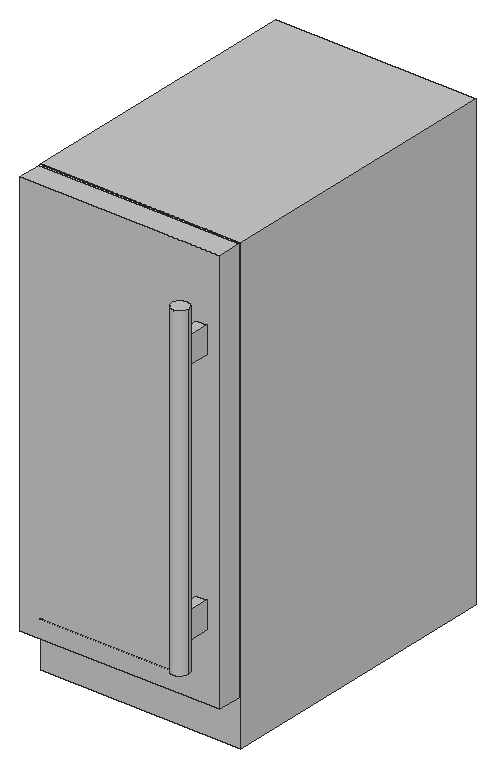
Revit family "dde9ee0d97cf4f98b5d65defc475dc01", category Specialty Equipment, Revit 2021
Family settings
  Round Connector Dimension = Use Diameter
  Part Type = Normal
  OmniClass Number = 23.40.40.14
  OmniClass Title = Food Service Equipment
  Work Plane-Based = No
  Always vertical = Yes
  Cut with Voids When Loaded = No
  Shared = No
  Room Calculation Point = No
Parameters (values of type "15" LH")
  Width = 1' - 3"
  Wall Offset = 0' - 1"
  Voltage = 120 V
  Type Comments = ""
  Show Label = yes
  RH = no
  Power Consumption = 500 VA
  Label = "U.C. Refr."
  LH = not(RH)  # yes
  Height = 2' - 10"
  Handle Centerline = if(RH, 0' 1 3/8", (Width - 0' 1 3/8"))  # 1' - 1 5/8"
  Gasket = Appliance - Gasket
  Description = "Undercounter Refrigerator"
  Depth = 2' - 0"
  Default Elevation = 0' - 0"
  Assembly Code = "E1090320"
  Appliance Finish = Appliance - Stainless Steel
  Amperage = Power Consumption / Voltage  # 4.16667 A
Types (4): name | Width | RH | LH | Handle Centerline
  24" LH | 1' - 3" | no | yes | 1' - 1 5/8"
  24" RH | 2' - 0" | yes | no | 0' - 1 3/8"
  15" RH | 1' - 3" | yes | no | 0' - 1 3/8"
  15" LH | 1' - 3" | no | yes | 1' - 1 5/8"
Reference planes (in)
  plane 1 "Back": y = 0
  plane 2: z = 0
  plane 3 "Center (Left/Right)": x = 0
  plane 4 "Left": x = -7.5
  plane 5 "Right": x = 7.5
  plane 6: y = -1
  plane 7 "Front": y = -25
  plane 8 "Door Back": y = -23
  plane 9 "Top": z = 34
  plane 10 "B.O. Door": z = 3.5
  plane 11: x = 6.125
  plane 12: z = 31
  plane 13: z = 6.5
Forms (in)
  Extrusion 1, solid, material "Appliance - Stainless Steel" <- "Appliance Finish"
    sketch origin (0, 0, 0) x (1, 0, 0) y (0, 1, 0)
      loop
        line (-7.5, -1) -> (-7.5, -23) -> (7.5, -23) -> (7.5, -1) -> (-7.5, -1)
    from 0 to 34
  Extrusion 2, solid, material "Appliance - Stainless Steel" <- "Appliance Finish", detail levels fine
    sketch origin (0, -25, 0) x (-1, 0, 0) y (0, 0, 1)
      loop
        line (-5.75, 29) -> (-6.5, 29) -> (-6.5, 27) -> (-5.75, 27) -> (-5.75, 29)
      loop
        line (-5.75, 10.5) -> (-6.5, 10.5) -> (-6.5, 8.5) -> (-5.75, 8.5) -> (-5.75, 10.5)
    from -1.67554 to 0
  Extrusion 3, solid, material "Appliance - Stainless Steel" <- "Appliance Finish", detail levels fine
    sketch origin (0, 0, 0) x (1, 0, 0) y (0, 1, 0)
      loop
        circle (6.125, -27.01473) r 0.625
    from 6.5 to 31
  Extrusion 4, solid, material "Appliance - Stainless Steel" <- "Appliance Finish"
    sketch origin (0, -25, 0) x (-1, 0, 0) y (0, 0, 1)
      loop
        line (7.5, 34) -> (-7.5, 34) -> (-7.5, 3.5) -> (7.5, 3.5) -> (7.5, 34)
    from 0 to 1.75
  Sweep 5, solid, material "Appliance - Gasket" <- "Gasket", detail levels fine
    path in 3D
      loop
        line (-7.5, -25, 34) -> (-7.5, -25, 3.5) -> (7.5, -25, 3.5) -> (7.5, -25, 34) -> (-7.5, -25, 34)
    profile origin (0, -25, 34) x (0, -1, 0) y (0, 0, 1)
      loop
        line (-2, -0.125) -> (-2, -0.25) -> (-1.75, -0.25) -> (-1.75, -0.125)
        arc (-1.75, -0.125) -> (-1.875, 0) -> (-2, -0.125) r 0.125
Cuts and joins
  joined: Extrusion 2, Extrusion 3
Lines and regions (in)
  Split face 1
    outline origin (-7.5, -1, 0) x (1, 0, 0) y (0, 0, -1)
      loop
        circle (9, -28) r 2
  Masking region 1
    outline origin (0, 0, 0) x (1, 0, 0) y (0, 1, 0)
      loop
        line (-7.5, -1) -> (-7.5, -25) -> (7.5, -25) -> (7.5, -1) -> (-7.5, -1)
  Masking region 2, detail levels fine
    outline origin (0, 0, 0) x (1, 0, 0) y (0, 1, 0)
      loop
        line (6.5, -26.51473) -> (6.5, -25) -> (5.75, -25) -> (5.75, -26.51473)
        arc (5.75, -26.51473) -> (5.56598, -26.73522) -> (5.5, -27.01473) r 0.625
        arc (5.5, -27.01473) -> (6.125, -27.63973) -> (6.75, -27.01473) r 0.625
        arc (6.75, -27.01473) -> (6.68402, -26.73522) -> (6.5, -26.51473) r 0.625
  symbolic lines, style "Appliances - Plan Swing", visible <- "LH", detail levels medium+fine
    curve 1: arc (7.5, -25, 0) -> (3.1066, -35.6066, 0) -> (-7.5, -40, 0) r 15
    curve 2: line (-7.5, -25, 0) -> (-7.5, -40, 0)
  symbolic lines, style "Appliances - Plan Swing", visible <- "RH", detail levels medium+fine
    curve 3: arc (-7.5, -25, 0) -> (-3.1066, -35.6066, 0) -> (7.5, -40, 0) r 15
    curve 4: line (7.5, -40, 0) -> (7.5, -25, 0)
  sketch lines
    curve 5: line (7.5, -25, 34) -> (-7.5, -25, 34)
    curve 6: line (7.5, -25, 3.5) -> (7.5, -25, 34)
    curve 7: line (-7.5, -25, 3.5) -> (7.5, -25, 3.5)
    curve 8: line (-7.5, -25, 34) -> (-7.5, -25, 3.5)
  symbolic lines, style "Appliances"
    curve 9: line (-7.5, -1, 0) -> (7.5, -1, 0)
    curve 10: line (-7.5, -25, 0) -> (-7.5, -1, 0)
    curve 11: line (7.5, -25, 0) -> (-7.5, -25, 0)
    curve 12: line (7.5, -1, 0) -> (7.5, -25, 0)
  symbolic lines, style "Appliances - Hidden"
    curve 13: line (-7.5, -23, 0) -> (7.5, -23, 0)
  symbolic lines, style "Appliances", detail levels fine
    curve 14: arc (6.75, -27.01473, 0) -> (6.125, -26.38973, 0) -> (5.5, -27.01473, 0) r 0.625
    curve 15: arc (5.5, -27.01473, 0) -> (6.125, -27.63973, 0) -> (6.75, -27.01473, 0) r 0.625
    curve 16: line (6.5, -26.51473, 0) -> (6.5, -25, 0)
    curve 17: line (5.75, -25, 0) -> (5.75, -26.51473, 0)
Dimensions and locks (in)
  equal spacing: plane 4 "Left", plane 3 "Center (Left/Right)", plane 5 "Right"
  "Width": plane 4 "Left" to plane 5 "Right"
  "Depth": plane 6 to plane 7 "Front"
  "Wall Offset": plane 1 "Back" to plane 6
  "Height": plane 9 "Top" to level
  locked: plane 10 "B.O. Door" to level at 3.5
  locked: plane 8 "Door Back" to plane 7 "Front" at 2
  locked: plane 9 "Top" to plane 12 at 3
  locked: plane 13 to plane 10 "B.O. Door" at 3
  Extrusion 2 sketch curve to plane 11 to Extrusion 2 sketch curve = 0' - 0 3/8" locked, 0' - 0 3/8" locked  (x2)
  plane 12 to Extrusion 2 sketch curve to Extrusion 2 sketch curve = 0' - 2" locked, 0' - 2" locked
  Extrusion 2 sketch curve to Extrusion 2 sketch curve to plane 13 = 0' - 2" locked, 0' - 2" locked
  locked: plane 7 "Front" to Extrusion 3 sketch curve at 2.01473
  locked: Split face 1 sketch curve to plane 9 "Top" at 6
  locked: plane 5 "Right" to Split face 1 sketch curve at 6
  "Handle Centerline": plane 4 "Left" to plane 11
  equal spacing: plane 6, nested 1, plane 8 "Door Back"
  locked: plane 9 "Top" to Sweep 5 sketch curve at 0.25
  "Width": radius of curve 3
  "Width": radius of curve 1
  aligned and locked: plane 2 to level
  aligned and locked: Extrusion 1 sketch curve to plane 6
  aligned and locked: plane 4 "Left" to Extrusion 1 sketch curve
  aligned and locked: plane 8 "Door Back" to Extrusion 1 sketch curve
  aligned and locked: Extrusion 1 sketch curve to plane 5 "Right"
  aligned and locked: plane 9 "Top" to Extrusion 1
  aligned and locked: plane 7 "Front" to Extrusion 2
  aligned and locked: plane 11 to Extrusion 3 sketch curve
  aligned and locked: Extrusion 3 to plane 13
  aligned and locked: plane 12 to Extrusion 3
  aligned and locked: plane 12 to cut or joined group of Extrusion 2, Extrusion 3
  aligned and locked: plane 4 "Left" to Extrusion 4 sketch curve
  aligned and locked: Extrusion 4 sketch curve to plane 5 "Right"
  aligned and locked: plane 10 "B.O. Door" to Extrusion 4 sketch curve
  aligned and locked: plane 3 "Center (Left/Right)" to nested 1
  aligned and locked: Masking region 1 sketch curve to plane 5 "Right"
  aligned and locked: Masking region 1 sketch curve to plane 6
  aligned and locked: plane 4 "Left" to Masking region 1 sketch curve
  aligned and locked: plane 7 "Front" to Masking region 1 sketch curve
  aligned and locked: Masking region 2 sketch curve to cut or joined group of Extrusion 2, Extrusion 3  (x5)
  aligned and locked: Masking region 2 sketch curve to plane 7 "Front"
  aligned and locked: Extrusion 4 sketch curve to plane 9 "Top"
Automatic sketch dimensions
  Sweep 5 sketch curve to Sweep 5 sketch curve = 0' - 0 1/8"  (x2)
  profile plane to Sweep 5 sketch curve = 0' - 2"
  curve 1 to plane 4 "Left" = 0' - 0"
  curve 17 to plane 7 "Front" = 0' - 0"
  curve 15 to plane 11 = 0' - 0"
  curve 13 to plane 8 "Door Back" = 0' - 0"
  curve 9 to plane 6 = 0' - 0"
  curve 15 to plane 7 "Front" = 0' - 2.01473"
  curve 15 to plane 11 = 0' - 0 5/8"
  curve 17 to plane 11 = 0' - 0 3/8"
  plane 11 to curve 16 = 0' - 0 3/8"
  radius of Extrusion 3 sketch curve = 0' - 0 5/8"
  radius of Split face 1 sketch curve = 0' - 2"
Nested families (in)
  nested 1: "Label Annotation 3-32" at (0, -12, 0), visible <- "Show Label", type "Label Annotation 3-32"
Connectors (in)
  electrical at (1.5, -1, 28), driven by "Voltage", driven by "Power Consumption"
    settings: on Extrusion 1, index 1, voltage 120 V, apparent load 500 VA, apparent load phase1 0 VA, apparent load phase2 0 VA, apparent load phase3 0 VA, power factor 1, load classification "Appliance", number of poles 1, system type 30, power factor state 1, is connector primary yes, connector utility no, sub classification motor no, connector description "Refrigerator Power"
Definition of nested family "Label Annotation 3-32"
  Parameters
    Label = "Freezer 36 LH"
  Reference planes (in)
    plane 1: y = 0
    plane 2: x = 0
  Text (in)
    label "Label" at (0.00375, -0.00345, 0), shows "Label"
